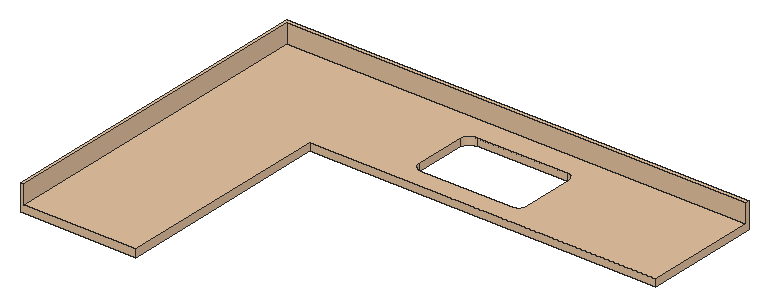
Revit family "Counter Top-L Shaped w Sink Hole (NZ)", category 케이스워크, Revit 2026
Family settings
  작업 기준면 기반 = 아니오
  항상 수직 = 예
  로드될 때 보이드를 사용하여 절단 = 아니오
  공유 = 예
  룸 계산 점 = 아니오
Parameters (values of type "600mm Depth")
  기본 높이 = 0 mm
  Counter Thickness = 40 mm
  Counter Top Material = none
  깊이 = 625 mm
  Height [instance] = 900 mm
  Length - Leg 1 [instance] = 2500 mm
  Length - Leg 2 [instance] = 1800 mm
  Sink Location [instance] = 1100 mm
  Sink Location To Wall [instance] = 150 mm
  Sink Opening Depth [instance] = 378 mm
  Sink Opening Width [instance] = 587 mm
Reference planes
  plane 1 "Back": y = 0
  plane 2: z = 0
  plane 3 "Left": x = -1200.462
  plane 4 "Right": x = 1299.538
  plane 5 "Front": y = -625
  plane 6 "Top": z = 900
  plane 7: z = 860
  plane 8: y = -19.05
  plane 9: z = 1001.6
  plane 10: x = -575.462
  plane 11: y = -1800
  plane 12: x = -1181.412
  plane 13: x = -100.462
  plane 14: x = 486.538
  plane 15: y = -150
  plane 16: y = -528
Forms (mm)
  Extrusion 1, solid, material <- "Counter Top Material"
    sketch origin (0, 0, 0) x (1, 0, 0) y (0, 1, 0)
      loop
        line (-1200.462, 0) -> (-1200.462, -1800) -> (-575.462, -1800) -> (-575.462, -625) -> (1299.538, -625) -> (1299.538, 0) -> (-1200.462, 0)
      loop
        arc (-50.462, -150) -> (-85.818, -164.645) -> (-100.462, -200) r 50
        line (-100.462, -200) -> (-100.462, -478)
        arc (-100.462, -478) -> (-85.818, -513.355) -> (-50.462, -528) r 50
        line (-50.462, -528) -> (436.538, -528)
        arc (436.538, -528) -> (471.893, -513.355) -> (486.538, -478) r 50
        line (486.538, -478) -> (486.538, -200)
        arc (486.538, -200) -> (471.893, -164.645) -> (436.538, -150) r 50
        line (436.538, -150) -> (-50.462, -150)
    from 860 to 900
  Extrusion 2, solid, material <- "Counter Top Material"
    sketch origin (0, 0, 0) x (1, 0, 0) y (0, 1, 0)
      loop
        line (1299.538, 0) -> (-1200.462, 0) -> (-1200.462, -19.05) -> (1299.538, -19.05) -> (1299.538, 0)
    from 900 to 1001.6
  Extrusion 3, solid, material <- "Counter Top Material"
    sketch origin (0, 0, 0) x (1, 0, 0) y (0, 1, 0)
      loop
        line (-1200.462, -19.05) -> (-1200.462, -1800) -> (-1181.412, -1800) -> (-1181.412, -19.05) -> (-1200.462, -19.05)
    from 900 to 1001.6
Cuts and joins
  joined: Extrusion 1, Extrusion 2, Extrusion 3
Lines and regions (mm)
  Masking region 1
    outline origin (0, 0, 0) x (1, 0, 0) y (0, 1, 0)
      loop
        line (-1200.462, 0) -> (-1200.462, -1800) -> (-575.462, -1800) -> (-575.462, -625) -> (1299.538, -625) -> (1299.538, 0) -> (-1200.462, 0)
      loop
        arc (486.538, -200) -> (471.893, -164.645) -> (436.538, -150) r 50
        line (436.538, -150) -> (-50.462, -150)
        arc (-50.462, -150) -> (-85.818, -164.645) -> (-100.462, -200) r 50
        line (-100.462, -200) -> (-100.462, -478)
        arc (-100.462, -478) -> (-85.818, -513.355) -> (-50.462, -528) r 50
        line (-50.462, -528) -> (436.538, -528)
        arc (436.538, -528) -> (471.893, -513.355) -> (486.538, -478) r 50
        line (486.538, -478) -> (486.538, -200)
  symbolic lines, style "Counter Top"
    curve 1: line (-1181.412, -19.05, 0) -> (1299.538, -19.05, 0)
    curve 2: line (-1181.412, -1800, 0) -> (-1181.412, -19.05, 0)
Dimensions and locks
  "깊이": plane 5 "Front" to plane 1 "Back"
  "Length - Leg 1": plane 3 "Left" to plane 4 "Right"
  "Height": level to plane 6 "Top"
  "Counter Thickness": plane 7 to plane 6 "Top"
  locked: plane 8 to plane 1 "Back" at 19.05
  plane 6 "Top" to plane 9 = 101.6 mm
  "깊이": plane 3 "Left" to plane 10
  "Length - Leg 2": plane 11 to plane 1 "Back"
  locked: plane 3 "Left" to plane 12 at 19.05
  "Sink Location": plane 3 "Left" to plane 13
  "Sink Opening Width": plane 13 to plane 14
  "Sink Location To Wall": plane 15 to plane 1 "Back"
  "Sink Opening Depth": plane 16 to plane 15
  aligned and locked: plane 1 "Back" to Extrusion 1 sketch curve
  aligned and locked: plane 4 "Right" to Extrusion 1 sketch curve
  aligned and locked: Extrusion 1 sketch curve to plane 5 "Front"
  aligned and locked: Extrusion 1 sketch curve to plane 3 "Left"
  aligned and locked: plane 6 "Top" to Extrusion 1
  aligned and locked: Extrusion 1 to plane 7
  aligned and locked: Extrusion 2 sketch curve to plane 1 "Back"
  aligned and locked: plane 8 to Extrusion 2 sketch curve
  aligned and locked: Extrusion 2 sketch curve to plane 4 "Right"
  aligned and locked: plane 3 "Left" to Extrusion 2 sketch curve
  aligned and locked: Extrusion 2 to plane 9
  aligned and locked: Extrusion 2 to plane 6 "Top"
  aligned and locked: plane 10 to Extrusion 1 sketch curve
  aligned and locked: plane 11 to Extrusion 1 sketch curve
  aligned and locked: plane 12 to Extrusion 3 sketch curve
  aligned and locked: Extrusion 3 to plane 8
  aligned and locked: plane 3 "Left" to Extrusion 3
  aligned and locked: Extrusion 3 to plane 9
  aligned and locked: Extrusion 3 to plane 6 "Top"
  aligned and locked: plane 14 to Extrusion 1 sketch curve
  aligned and locked: Extrusion 1 sketch curve to plane 13
  aligned and locked: plane 15 to Extrusion 1 sketch curve
  aligned and locked: Extrusion 1 sketch curve to plane 16
Automatic sketch dimensions
  plane 3 "Left" to Extrusion 3 sketch curve = 0 mm
  plane 11 to Extrusion 3 sketch curve = 0 mm
  plane 1 "Back" to Extrusion 3 sketch curve = 19.05 mm
  curve 2 to plane 11 = 0 mm
  curve 2 to plane 8 = 0 mm
  Extrusion 1 sketch curve to plane 13 = 50 mm  (x2)
  Extrusion 1 sketch curve to Extrusion 1 sketch curve = 50 mm
  plane 14 to Extrusion 1 sketch curve = 50 mm
  curve 1 to plane 4 "Right" = 0 mm
  curve 1 to plane 3 "Left" = 19.05 mm
  Masking region 1 sketch curve to plane 3 "Left" = 0 mm
  Masking region 1 sketch curve to plane 11 = 0 mm
  Masking region 1 sketch curve to plane 5 "Front" = 0 mm
  Masking region 1 sketch curve to plane 10 = 0 mm
  Masking region 1 sketch curve to plane 4 "Right" = 0 mm
  Masking region 1 sketch curve to plane 1 "Back" = 0 mm
  plane 4 "Right" to Masking region 1 sketch curve = 813 mm
  plane 8 to Masking region 1 sketch curve = 130.95 mm
  Masking region 1 sketch curve to plane 10 = 525 mm
  Masking region 1 sketch curve to Masking region 1 sketch curve = 50 mm  (x4)
  Masking region 1 sketch curve to plane 5 "Front" = 147 mm
